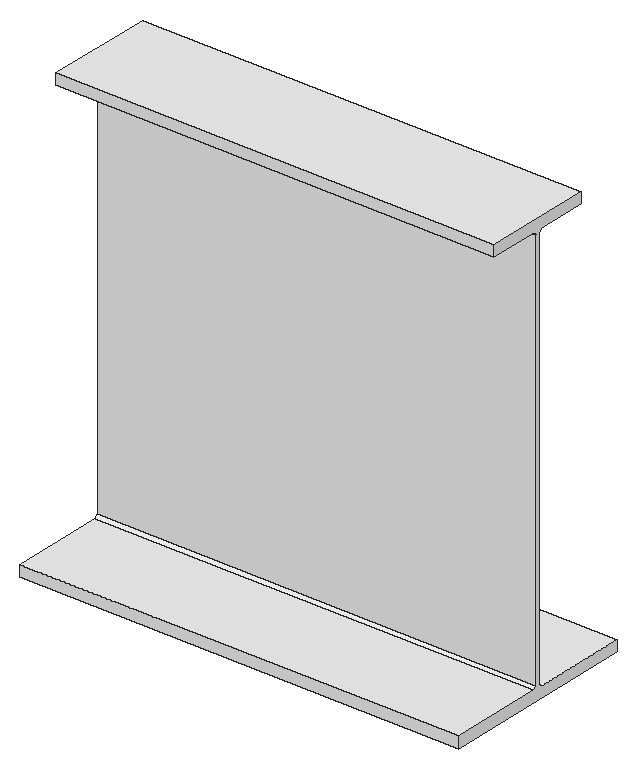
Revit family
Parameters (values of type "WRF1200x309")
  bf_t = 300 mm
  Start Extension Calculation [instance] = 3012.5 mm + Start Extension  # 3000 mm
  Start Extension [instance] = -12.5 mm
  Keynote = "G10"
  End Extension Calculation [instance] = 3012.5 mm + End Extension  # 3000 mm
  End Extension [instance] = -12.5 mm
  Beam Material [instance] = Metal - Steel - 345 MPa
  A = 39300.00 m²
  Length [instance] = 1524 mm
  W = 3.03
  bf_b = 550 mm
  d = 1200 mm
  k = 14 mm
  tf = 30 mm
  tw = 12 mm
Reference planes
  plane 1 "Center (Front/Back)": y = 0
  plane 2: z = 0
  plane 3 "Center (Left/Right)": x = 4.61
  plane 4 "Member Left": x = -604.99
  plane 5 "Member Right": x = 614.21
  plane 6: y = 275
  plane 7: y = -275
  plane 8 "Top": z = 600
  plane 9: z = -600
  plane 10 "Left": x = -757.39
  plane 11 "Right": x = 766.61
  plane 12: x = -604.99
  plane 13: x = 614.21
  plane 14: x = 2395.01
  plane 15: x = -2385.79
Forms (mm)
  Sweep 1, solid, material "Metal - Steel - 345 MPa" <- "Beam Material", detail levels medium
    path origin (0, 0, 0) x (1, 0, 0) y (0, 1, 0)
      loop
        line (614.21, 0) -> (-604.99, 0)
    profile "M_WRF-Wide Flange-Profile-Medium : M_WRF-Wide Flange-Profile-Medium" origin (4.61, 0, 0) x (0, -1, 0) y (0, 0, 1)
      loop
        line (-275, -600) -> (275, -600) -> (275, -570) -> (6, -570) -> (6, 570) -> (150, 570) -> (150, 600) -> (-150, 600) -> (-150, 570) -> (-6, 570) -> (-6, -570) -> (-275, -570) -> (-275, -600)
  Sweep 2, solid, material "Metal - Steel - 345 MPa" <- "Beam Material", detail levels fine
    path origin (0, 0, 0) x (1, 0, 0) y (0, 1, 0)
      loop
        line (614.21, 0) -> (-604.99, 0)
    profile "M_WRF-Wide Flange-Profile-Fine : M_WRF-Wide Flange-Profile-Fine" origin (4.61, 0, 0) x (0, -1, 0) y (0, 0, 1)
      loop
        line (-275, -600) -> (275, -600) -> (275, -570) -> (14, -570) -> (6, -562) -> (6, 562) -> (14, 570) -> (150, 570) -> (150, 600) -> (-150, 600) -> (-150, 570) -> (-14, 570) -> (-6, 562) -> (-6, -562) -> (-14, -570) -> (-275, -570) -> (-275, -600)
Lines and regions (mm)
  symbolic lines, style "Hidden Faces", detail levels medium+fine
    curve 1: line (614.21, -6, 0) -> (-604.99, -6, 0)
    curve 2: line (614.21, 6, 0) -> (-604.99, 6, 0)
  symbolic lines, style "Stick Symbols", detail levels coarse
    curve 3: line (4.61, 150, 600) -> (4.61, -150, 600)
    curve 4: line (4.61, -275, -600) -> (4.61, 275, -600)
    curve 5: line (4.61, 0, 600) -> (4.61, 0, -600)
Dimensions and locks
  "bf_b": plane 6 to plane 7
  "d": plane 9 to plane 8 "Top"
  equal spacing: plane 9, plane 2, plane 8 "Top"
  equal spacing: plane 6, plane 1 "Center (Front/Back)", plane 7
  "Length": plane 10 "Left" to plane 11 "Right"
  "tw": curve 2 to curve 1
  equal spacing: curve 2, plane 1 "Center (Front/Back)", curve 1
  locked: plane 4 "Member Left" to plane 14 at 3000
  locked: plane 15 to plane 5 "Member Right" at 3000
  "End Extension Calculation": plane 15 to plane 13
  "Start Extension Calculation": plane 12 to plane 14
  aligned and locked: Sweep 1 sketch curve to plane 1 "Center (Front/Back)"
  aligned and locked: Sweep 2 sketch curve to plane 1 "Center (Front/Back)"
  aligned and locked: Sweep 2 to curve 3  (x2)
  aligned and locked: Sweep 2 to curve 4  (x2)
  aligned and locked: curve 3 to Sweep 2
  aligned and locked: curve 4 to Sweep 2
  aligned and locked: plane 12 to Sweep 2 sketch curve
  aligned and locked: plane 13 to Sweep 2 sketch curve
  aligned and locked: plane 12 to Sweep 1 sketch curve
  aligned and locked: plane 13 to Sweep 1 sketch curve
  aligned and locked: plane 12 to curve 2
  aligned and locked: plane 12 to curve 1
  aligned and locked: plane 13 to curve 2
  aligned and locked: plane 13 to curve 1
Automatic sketch dimensions
  curve 5 to plane 1 "Center (Front/Back)" = 0 mm
